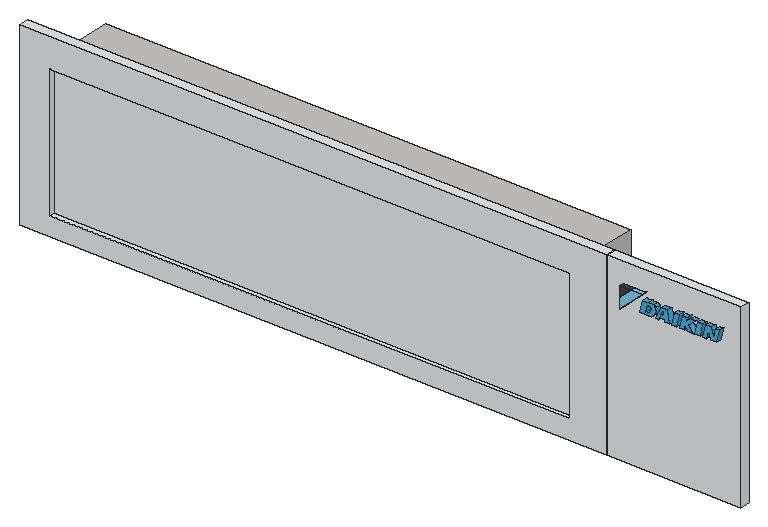
Revit family "outputfile", category 制気口, Revit 2024
Family settings
  丸型コネクタ寸法 = 直径を使用
  パーツ タイプ = 標準
  OmniClass 番号 = 23.75.70.21.27.11
  OmniClass タイトル = Diffusers, Registers, and Grilles
  作業面ベース = いいえ
  常に垂直 = はい
  ロード時にボイドで切り取り = いいえ
  注釈の向きを維持 = いいえ
  共有 = いいえ
  部屋計算ポイント = いいえ
Parameters (values of type "FPRAQ20APVM")
  Description = ""
  製造元 = "Daikin"
  書き出し IFC クラス(タイプ) = "IfcAirTerminalType"
  Default Elevation = 0 mm
  定義済み IFC タイプ(タイプ) = "GRILLE"
  Cost = 0
  モデル = "FPRAQ20APVM"
  Type Comments = ""
  Keynote = ""
  Type Image = (empty or 0)
  Assembly Code = ""
  Width = 722 mm
  Version = "ver.1.0"
  Unit Type = "Moisture Control 3D Air Flow Ceiling Mounted Duct Type"
  Unit Designation [instance] = ""
  Uniclass2015Version = "Products v1.35"
  Uniclass2015Title = "Air grilles"
  Uniclass2015Code = "Pr_70_65_04_03"
  URL = ""
  Series = "VRV Fan Coil Unit"
  SA Duct Size Width = 456 mm
  SA Duct Size Height = 141 mm
  Material_Grille = DAIKIN_FreshWhite_Panel_indoorunit
  IfcVersion = ""
  IfcExportType = "GRILLE"
  IfcExportAs = "IfcAirTerminalType"
  Height = 180 mm
  FCU Tag No. [instance] = ""
  Design Supply Airflow [instance] = 0.00 m³/h
  Depth = 70 mm
Reference planes
  plane 1 "Center (Front/Back)": y = 0
  plane 2: z = 90
  plane 3 "Center (Left/Right)": x = 10
  plane 4: x = 371
  plane 5: x = 237
  plane 6: x = -351
  plane 7: z = -90
  plane 8: z = -90
  plane 9: z = -75
  plane 10: x = 304
  plane 11: x = -321
  plane 12 "Center (Elevation)": z = 0
  plane 13: y = -10
  plane 14: y = -5
  plane 15: y = 60
  plane 16: z = 70.5
  plane 17: x = 205
  plane 18: z = 60
  plane 19: z = -23
  plane 20: z = -70.5
  plane 21: x = 308.5
  plane 22: x = 268
  plane 23: x = -58
Forms (mm)
  Extrusion 1, solid, material "DAIKIN_FreshWhite_Panel_indoorunit" <- "Material_Grille"
    sketch origin (10, 0, 0) x (0, 1, 0) y (0, 0, 1)
      loop
        line (0, 90) -> (-10, 90) -> (-10, -90) -> (0, -90) -> (0, 90)
    from 227 to 361
  Extrusion 2, solid, material "DAIKIN_FreshWhite_Panel_indoorunit" <- "Material_Grille"
    sketch origin (10, 0, 0) x (0, 1, 0) y (0, 0, 1)
      loop
        line (-10, 90) -> (-10, -90) -> (0, -90) -> (0, 90) -> (-10, 90)
    from -361 to 227
  Extrusion 3, void
    sketch origin (0, 0, 0) x (1, 0, 0) y (0, 0, 1)
      loop
        line (-321, 61) -> (-321, -70.5) -> (200.5, -70.5) -> (200.5, 61) -> (-321, 61)
    from 10 to 5
  Extrusion 4, solid, material "DAIKIN_GalvanizedSteel_Casing_indoorunit"
    sketch origin (0, 0, 0) x (1, 0, 0) y (0, 1, 0)
      loop
        line (-321, 60) -> (-321, 0) -> (205, 0) -> (205, 60) -> (-321, 60)
    from -70.5 to 70.5
  Extrusion 5, solid, material "DAIKIN_GalvanizedSteel_Casing_indoorunit"
    sketch origin (0, 0, 0) x (1, 0, 0) y (0, 1, 0)
      loop
        line (283.049, 33) -> (269.7, 19.651) -> (269.7, 0) -> (338.3, 0) -> (338.3, 33) -> (283.049, 33)
    from -23 to 60
Cuts and joins
  Extrusion 3 cuts Extrusion 2
  Extrusion 3 cuts Extrusion 1
Dimensions and locks
  locked: plane 2 to plane 7 at 180
  locked: plane 2 to Extrusion 3 sketch curve at 29
  locked: plane 2 to plane 9 at 165
  locked: plane 4 to plane 5 at 134
  locked: plane 11 to plane 6 at 30
  locked: plane 13 to plane 1 "Center (Front/Back)" at 10
  equal spacing: plane 13, plane 14, plane 1 "Center (Front/Back)"
  plane 6 to plane 3 "Center (Left/Right)" = 361 mm
  equal spacing: plane 4, plane 10, plane 5
  locked: plane 2 to plane 16 at 19.5
  locked: plane 17 to plane 4 at 166
  equal spacing: Extrusion 5 sketch curve, plane 10, Extrusion 5 sketch curve
  locked: Extrusion 5 sketch curve to Extrusion 5 sketch curve at 68.6
  locked: plane 1 "Center (Front/Back)" to Extrusion 5 sketch curve at 33
  plane 2 to plane 18 = 30 mm  (x2)
  locked: plane 19 to plane 8 at 67
  locked: plane 20 to plane 8 at 19.5
  "Width": plane 6 to plane 4
  "Depth": plane 15 to plane 13
  "Height": plane 2 to plane 8
  locked: plane 4 to plane 21 at 62.5
  locked: plane 22 to plane 5 at 31
  equal spacing: plane 17, plane 23, plane 11
  equal spacing: plane 4, plane 3 "Center (Left/Right)", plane 6
  aligned and locked: Extrusion 1 to plane 5
  aligned and locked: plane 4 to Extrusion 1
  aligned and locked: plane 7 to Extrusion 2 sketch curve
  aligned and locked: Extrusion 2 to Extrusion 1
  aligned and locked: Extrusion 2 to plane 6
  aligned and locked: Extrusion 3 to plane 11
  aligned and locked: Extrusion 1 sketch curve to plane 2
  aligned and locked: plane 2 to Extrusion 2 sketch curve
  aligned and locked: level to plane 12 "Center (Elevation)"
  aligned and locked: Extrusion 1 sketch curve to plane 1 "Center (Front/Back)"
  aligned and locked: plane 1 "Center (Front/Back)" to Extrusion 4 sketch curve
  aligned and locked: plane 14 to Extrusion 3
  aligned and locked: plane 1 "Center (Front/Back)" to Extrusion 2 sketch curve
  aligned and locked: plane 13 to Extrusion 2 sketch curve
  aligned and locked: Extrusion 2 to Extrusion 3
  aligned and locked: plane 13 to Extrusion 1 sketch curve
  aligned and locked: plane 15 to Extrusion 4
  aligned and locked: Extrusion 4 to cut or joined group of Extrusion 2, Extrusion 3
  aligned and locked: nested 1 to plane 16
  aligned and locked: plane 10 to nested 1
  aligned and locked: nested 1 to plane 13
  aligned and locked: plane 17 to Extrusion 4
  aligned and locked: Extrusion 5 sketch curve to plane 1 "Center (Front/Back)"
  aligned and locked: plane 18 to Extrusion 5
  aligned and locked: Extrusion 5 to plane 19
  aligned and locked: Extrusion 4 to plane 20
  aligned and locked: Extrusion 3 to Extrusion 4
  aligned and locked: Extrusion 4 to plane 16
  aligned and locked: Extrusion 1 sketch curve to plane 8
Automatic sketch dimensions
  plane 6 to Extrusion 3 sketch curve = 30 mm
  Extrusion 3 sketch curve to plane 5 = 36.5 mm
  Extrusion 4 sketch curve to plane 10 = 99 mm
  Extrusion 4 sketch curve to plane 11 = 0 mm
  Extrusion 4 sketch curve to plane 1 "Center (Front/Back)" = 60 mm
  Extrusion 5 sketch curve to Extrusion 5 sketch curve = 13.349 mm  (x2)
  plane 20 to Extrusion 3 sketch curve = 0 mm
Nested families
  nested 1: "daikin_logo_elevation_w100" at (319, -10, 45.5), type "daikin_logo_elevation_w100"
    with show_logo yes
Connectors
  hvac at (-58, 60, 0), driven by "SA Duct Size Height", driven by "SA Duct Size Width", driven by "Design Supply Airflow"
    settings: on Extrusion 4, index 1, duct flow 0.00 m³/h, flow factor 0, pres drop 0.0 Pa, loss coef 0, conn angle 0.00°, conn width 456.0 mm, conn height 141.0 mm, conn diameter 609.6 mm, duct sys type 1, conn prof type 1, flow config 1, flow direction 1, loss method 4, conn ref index -1, conn util no, is conn primary yes, conn desc "SA Duct"
Definition of nested family "daikin_logo_elevation_w100"
  Parameters (values of type "daikin_logo_elevation_w100")
    width = 100 mm
    show_logo [instance] = yes
    material = none
    height = 25 mm
    depth = 5 mm
    Default Elevation = 0 mm
  Reference planes
    plane 1 "Center (Front/Back)": y = 0
    plane 2: z = 0
    plane 3 "Center (Left/Right)": x = -15
    plane 4 "left": x = -65
    plane 5 "right": x = 35
    plane 6: y = -5
    plane 7: z = 25
  Forms (mm)
    Extrusion 1, solid
      sketch origin (0, 0, 0) x (1, 0, 0) y (0, 0, 1)
        loop
          line (-65, 25) -> (-65, 14.753) -> (-53.814, 25) -> (-65, 25)
      from 0 to 5
    Extrusion 2, solid
      sketch origin (0, 0, 0) x (1, 0, 0) y (0, 0, 1)
        loop
          line (-42.019, 25) -> (-53.814, 25) -> (-65, 14.753) -> (-65, 3.87) -> (-42.019, 25)
      from 0 to 5
    Extrusion 3, solid
      sketch origin (0, 0, 0) x (1, 0, 0) y (0, 0, 1)
        loop
          line (-35.602, 20.041) -> (-41.486, 20.041) -> (-44.428, 8.274) -> (-35.602, 8.274)
          arc (-35.602, 8.274) -> (-32.105, 8.983) -> (-29.415, 11.329) r 6.978
          arc (-29.415, 11.329) -> (-28.233, 14.382) -> (-28.637, 17.63) r 6.701
          arc (-28.637, 17.63) -> (-29.469, 18.814) -> (-30.709, 19.559) r 3.49
          arc (-30.709, 19.559) -> (-33.138, 19.976) -> (-35.602, 20.041) r 17.114
        loop
          line (-38.544, 10.627) -> (-36.191, 10.627)
          arc (-36.191, 10.627) -> (-34.383, 11.838) -> (-33.335, 13.745) r 4.6
          arc (-33.335, 13.745) -> (-33.193, 15.202) -> (-33.538, 16.625) r 4.404
          arc (-33.538, 16.625) -> (-34.051, 17.128) -> (-34.72, 17.393) r 1.818
          line (-34.72, 17.393) -> (-37.073, 17.393) -> (-38.544, 10.627)
        loop
          line (-29.13, 8.274) -> (-25.894, 8.274) -> (-24.791, 10.333) -> (-20.158, 10.333) -> (-19.717, 8.274) -> (-14.422, 8.274) -> (-16.775, 20.041) -> (-22.659, 20.041) -> (-29.13, 8.274)
        loop
          line (-23.373, 12.98) -> (-20.725, 12.98) -> (-21.482, 16.511) -> (-23.373, 12.98)
        loop
          line (-10.009, 20.041) -> (-12.951, 8.274) -> (-7.95, 8.274) -> (-5.008, 20.041) -> (-10.009, 20.041)
        loop
          line (-5.008, 8.274) -> (-0.007, 8.274) -> (0.792, 11.472) -> (3.229, 8.274) -> (9.407, 8.274) -> (4.7, 14.451) -> (11.466, 20.041) -> (6.171, 20.041) -> (2.093, 16.672) -> (2.935, 20.041) -> (-2.066, 20.041) -> (-5.008, 8.274)
        loop
          line (10.583, 8.274) -> (15.879, 8.274) -> (18.82, 20.041) -> (13.819, 20.041) -> (10.583, 8.274)
        loop
          line (18.82, 8.274) -> (22.35, 8.274) -> (24.013, 14.925) -> (26.175, 8.274) -> (32.058, 8.274) -> (35, 20.041) -> (31.47, 20.041) -> (29.679, 12.878) -> (27.351, 20.041) -> (21.762, 20.041) -> (18.82, 8.274)
      from 0 to 5
  Lines and regions (mm)
    model lines
      curve 1: line (-42.019, 0, 25) -> (-52.024, 0, 25)
      curve 2: line (-52.024, 0, 25) -> (-65, 0, 13.114)
      curve 3: line (-65, 0, 13.114) -> (-65, 0, 3.87)
      curve 4: line (-65, 0, 3.87) -> (-42.019, 0, 25)
      curve 5: line (-65, 0, 14.753) -> (-65, 0, 25)
      curve 6: line (-65, 0, 25) -> (-53.814, 0, 25)
      curve 7: line (-53.814, 0, 25) -> (-65, 0, 14.753)
      curve 8: line (-20.725, 0, 12.98) -> (-23.373, 0, 12.98)
      curve 9: line (-23.373, 0, 12.98) -> (-21.482, 0, 16.511)
      curve 10: line (-21.482, 0, 16.511) -> (-20.725, 0, 12.98)
      curve 11: line (-19.717, 0, 8.274) -> (-20.158, 0, 10.333)
      curve 12: line (-20.158, 0, 10.333) -> (-24.791, 0, 10.333)
      curve 13: line (-24.791, 0, 10.333) -> (-25.894, 0, 8.274)
      curve 14: line (-25.894, 0, 8.274) -> (-29.13, 0, 8.274)
      curve 15: line (-29.13, 0, 8.274) -> (-22.659, 0, 20.041)
      curve 16: line (-22.659, 0, 20.041) -> (-16.775, 0, 20.041)
      curve 17: line (-36.191, 0, 10.627) -> (-38.544, 0, 10.627)
      curve 18: line (-38.544, 0, 10.627) -> (-37.073, 0, 17.393)
      curve 19: line (-37.073, 0, 17.393) -> (-34.72, 0, 17.393)
      curve 20: line (-5.008, 0, 20.041) -> (-10.009, 0, 20.041)
      curve 21: line (-10.009, 0, 20.041) -> (-12.951, 0, 8.274)
      curve 22: line (-12.951, 0, 8.274) -> (-7.95, 0, 8.274)
      curve 23: line (-7.95, 0, 8.274) -> (-5.008, 0, 20.041)
      curve 24: line (24.013, 0, 14.925) -> (22.35, 0, 8.274)
      curve 25: line (22.35, 0, 8.274) -> (18.82, 0, 8.274)
      curve 26: line (18.82, 0, 8.274) -> (21.762, 0, 20.041)
      curve 27: line (21.762, 0, 20.041) -> (27.351, 0, 20.041)
      curve 28: line (27.351, 0, 20.041) -> (29.679, 0, 12.878)
      curve 29: line (29.679, 0, 12.878) -> (31.47, 0, 20.041)
      curve 30: line (31.47, 0, 20.041) -> (35, 0, 20.041)
      curve 31: line (35, 0, 20.041) -> (32.058, 0, 8.274)
      curve 32: line (32.058, 0, 8.274) -> (26.175, 0, 8.274)
      curve 33: line (26.175, 0, 8.274) -> (24.013, 0, 14.925)
      curve 34: line (-16.775, 0, 20.041) -> (-14.422, 0, 8.274)
      curve 35: line (-14.422, 0, 8.274) -> (-19.717, 0, 8.274)
      curve 36: line (-35.602, 0, 20.041) -> (-41.486, 0, 20.041)
      curve 37: line (-41.486, 0, 20.041) -> (-44.428, 0, 8.274)
      curve 38: line (-44.428, 0, 8.274) -> (-35.602, 0, 8.274)
      curve 39: line (10.583, 0, 8.274) -> (15.879, 0, 8.274)
      curve 40: line (15.879, 0, 8.274) -> (18.82, 0, 20.041)
      curve 41: line (18.82, 0, 20.041) -> (13.819, 0, 20.041)
      curve 42: line (13.819, 0, 20.041) -> (10.583, 0, 8.274)
      curve 43: line (3.229, 0, 8.274) -> (0.792, 0, 11.472)
      curve 44: line (0.792, 0, 11.472) -> (-0.007, 0, 8.274)
      curve 45: line (-0.007, 0, 8.274) -> (-5.008, 0, 8.274)
      curve 46: line (-5.008, 0, 8.274) -> (-2.066, 0, 20.041)
      curve 47: line (-2.066, 0, 20.041) -> (2.935, 0, 20.041)
      curve 48: line (2.935, 0, 20.041) -> (2.093, 0, 16.672)
      curve 49: line (2.093, 0, 16.672) -> (6.171, 0, 20.041)
      curve 50: line (6.171, 0, 20.041) -> (11.466, 0, 20.041)
      curve 51: line (11.466, 0, 20.041) -> (4.7, 0, 14.451)
      curve 52: line (4.7, 0, 14.451) -> (9.407, 0, 8.274)
      curve 53: line (9.407, 0, 8.274) -> (3.229, 0, 8.274)
      curve 54: arc (-36.191, 0, 10.627) -> (-34.383, 0, 11.838) -> (-33.335, 0, 13.745) r 4.6
      curve 55: arc (-33.335, 0, 13.745) -> (-33.193, 0, 15.202) -> (-33.538, 0, 16.625) r 4.404
      curve 56: arc (-33.538, 0, 16.625) -> (-34.051, 0, 17.128) -> (-34.72, 0, 17.393) r 1.818
      curve 57: arc (-35.602, 0, 8.274) -> (-32.105, 0, 8.983) -> (-29.415, 0, 11.329) r 6.978
      curve 58: arc (-29.415, 0, 11.329) -> (-28.233, 0, 14.382) -> (-28.637, 0, 17.63) r 6.701
      curve 59: arc (-28.637, 0, 17.63) -> (-29.469, 0, 18.814) -> (-30.709, 0, 19.559) r 3.49
      curve 60: arc (-30.709, 0, 19.559) -> (-33.138, 0, 19.976) -> (-35.602, 0, 20.041) r 17.114
  Dimensions and locks
    "width": plane 4 "left" to plane 5 "right"
    "depth": plane 6 to plane 1 "Center (Front/Back)"
    equal spacing: plane 4 "left", plane 3 "Center (Left/Right)", plane 5 "right"
    "height": plane 7 to plane 2
    aligned and locked: level to plane 2
    aligned and locked: Extrusion 1 sketch curve to plane 4 "left"
    aligned and locked: Extrusion 1 sketch curve to plane 7
    aligned and locked: plane 7 to Extrusion 2 sketch curve
    aligned and locked: plane 4 "left" to Extrusion 2 sketch curve
    aligned and locked: Extrusion 3 to plane 6
    aligned and locked: Extrusion 1 to plane 6
    aligned and locked: Extrusion 2 to plane 6
  Automatic sketch dimensions
    plane 4 "left" to curve 5 = 0 mm
    plane 4 "left" to curve 2 = 0 mm
    curve 30 to plane 5 "right" = 0 mm
    curve 5 to curve 6 = 11.186 mm
    curve 6 to curve 2 = 1.79 mm
    curve 2 to curve 37 = 7.597 mm
    curve 2 to curve 1 = 10.005 mm
    curve 1 to curve 37 = 0.534 mm
    curve 37 to curve 18 = 5.884 mm
    curve 17 to curve 54 = 0.769 mm
    curve 54 to curve 55 = 0.188 mm
    curve 54 to curve 19 = 0.702 mm
    curve 17 to curve 17 = 2.353 mm
    curve 18 to curve 36 = 1.471 mm
    curve 17 to curve 38 = 0.588 mm
    curve 55 to curve 57 = 2.392 mm
    curve 57 to curve 56 = 0.152 mm
    curve 57 to curve 58 = 0.311 mm
    curve 57 to curve 60 = 0.787 mm
    curve 56 to curve 19 = 0.322 mm
    curve 19 to curve 59 = 2.873 mm
    curve 57 to curve 15 = 6.472 mm
    curve 14 to curve 13 = 3.236 mm
    curve 13 to curve 13 = 1.103 mm
    curve 12 to curve 8 = 1.418 mm
    curve 8 to curve 16 = 0.714 mm
    curve 15 to curve 10 = 1.177 mm
    curve 8 to curve 10 = 2.648 mm
    curve 8 to curve 12 = 0.567 mm
    curve 11 to curve 35 = 0.441 mm
    curve 16 to plane 3 "Center (Left/Right)" = 1.775 mm
    plane 3 "Center (Left/Right)" to curve 35 = 0.578 mm
    curve 34 to curve 21 = 1.471 mm
    plane 3 "Center (Left/Right)" to curve 21 = 4.991 mm
    curve 21 to curve 23 = 5.001 mm
    curve 20 to curve 23 = 5.001 mm
    curve 22 to curve 45 = 2.942 mm
    curve 20 to curve 47 = 2.942 mm
    curve 45 to curve 44 = 5.001 mm
    curve 44 to curve 44 = 0.799 mm
    curve 46 to curve 49 = 4.159 mm
    curve 49 to curve 48 = 0.842 mm
    curve 44 to curve 53 = 3.236 mm
    curve 48 to curve 52 = 2.607 mm
    curve 47 to curve 49 = 3.236 mm
    curve 43 to curve 53 = 6.178 mm
    curve 52 to curve 39 = 1.177 mm
    curve 49 to curve 51 = 5.295 mm
    curve 50 to curve 41 = 2.353 mm
    curve 39 to curve 39 = 5.295 mm
    curve 41 to curve 40 = 5.001 mm
    curve 39 to curve 25 = 2.942 mm
    curve 40 to curve 26 = 2.942 mm
    curve 25 to curve 24 = 3.53 mm
    curve 26 to curve 33 = 2.251 mm
    curve 24 to curve 33 = 3.824 mm
    curve 26 to curve 27 = 5.589 mm
    curve 29 to plane 5 "right" = 5.321 mm
    curve 29 to curve 30 = 3.53 mm
    curve 31 to plane 5 "right" = 2.942 mm
    curve 60 to plane 7 = 22.055 mm
    curve 60 to curve 3 = 0.925 mm
    curve 60 to curve 37 = 5.329 mm
    curve 60 to curve 34 = 5.329 mm
    curve 32 to curve 34 = 0 mm
    curve 39 to curve 32 = 0 mm
    curve 43 to curve 39 = 0 mm
    curve 26 to curve 39 = 0 mm
    curve 23 to curve 34 = 0 mm
    curve 13 to curve 11 = 0 mm
    curve 44 to curve 43 = 0 mm
    curve 11 to curve 11 = 2.059 mm
    curve 38 to curve 17 = 2.353 mm
    curve 44 to curve 43 = 3.198 mm
    curve 31 to curve 29 = 4.604 mm
    curve 12 to curve 8 = 2.648 mm
    curve 4 to curve 2 = 9.244 mm
    curve 43 to curve 51 = 2.98 mm
    curve 2 to curve 5 = 1.639 mm
    curve 17 to curve 55 = 4.265 mm
    curve 28 to curve 24 = 2.046 mm
    curve 55 to curve 54 = 0.053 mm
    curve 55 to curve 58 = 0.311 mm
    curve 58 to curve 57 = 0.037 mm
    curve 57 to curve 56 = 0.364 mm
    curve 58 to curve 59 = 1.057 mm
    curve 8 to curve 9 = 3.53 mm
    curve 51 to curve 48 = 2.22 mm
    curve 54 to curve 18 = 2.447 mm
    curve 22 to curve 21 = 11.767 mm
    curve 46 to curve 20 = 0 mm
    curve 24 to curve 26 = 5.116 mm
    curve 49 to curve 47 = 0 mm
    curve 42 to curve 50 = 0 mm
    curve 9 to curve 16 = 3.53 mm
    curve 29 to curve 27 = 0 mm
    curve 18 to curve 37 = 2.648 mm
    curve 36 to curve 6 = 4.959 mm
    curve 36 to curve 4 = 4.959 mm
    curve 19 to curve 55 = 1.182 mm
    curve 59 to curve 60 = 1.138 mm
    curve 58 to curve 14 = 0.285 mm
    Extrusion 1 sketch curve to plane 4 "left" = 11.186 mm
    Extrusion 1 sketch curve to plane 7 = 10.247 mm
    Extrusion 2 sketch curve to plane 4 "left" = 22.981 mm
    Extrusion 2 sketch curve to plane 7 = 10.247 mm
    level to Extrusion 2 sketch curve = 3.87 mm
    Extrusion 2 sketch curve to plane 4 "left" = 11.186 mm
    Extrusion 3 sketch curve to plane 7 = 4.959 mm  (x5)
    Extrusion 3 sketch curve to plane 3 "Center (Left/Right)" = 20.602 mm
    level to Extrusion 3 sketch curve = 2.945 mm
    Extrusion 3 sketch curve to Extrusion 3 sketch curve = 0.787 mm  (x2)
    Extrusion 3 sketch curve to Extrusion 3 sketch curve = 5.884 mm
    Extrusion 3 sketch curve to Extrusion 3 sketch curve = 4.894 mm
    Extrusion 3 sketch curve to Extrusion 3 sketch curve = 1.138 mm
    Extrusion 3 sketch curve to Extrusion 3 sketch curve = 3.299 mm
    Extrusion 3 sketch curve to Extrusion 3 sketch curve = 2.072 mm
    Extrusion 3 sketch curve to Extrusion 3 sketch curve = 3.036 mm
    Extrusion 3 sketch curve to Extrusion 3 sketch curve = 1.057 mm
    Extrusion 3 sketch curve to Extrusion 3 sketch curve = 2.432 mm
    Extrusion 3 sketch curve to Extrusion 3 sketch curve = 0.311 mm
    Extrusion 3 sketch curve to Extrusion 3 sketch curve = 0.037 mm
    Extrusion 3 sketch curve to Extrusion 3 sketch curve = 8.825 mm
    Extrusion 3 sketch curve to plane 7 = 7.607 mm
    Extrusion 3 sketch curve to Extrusion 3 sketch curve = 1.879 mm
    Extrusion 3 sketch curve to Extrusion 3 sketch curve = 2.942 mm  (x5)
    Extrusion 3 sketch curve to Extrusion 3 sketch curve = 0.163 mm
    Extrusion 3 sketch curve to Extrusion 3 sketch curve = 0.152 mm
    Extrusion 3 sketch curve to Extrusion 3 sketch curve = 0.364 mm
    Extrusion 3 sketch curve to Extrusion 3 sketch curve = 1.182 mm
    Extrusion 3 sketch curve to Extrusion 3 sketch curve = 2.392 mm
    Extrusion 3 sketch curve to Extrusion 3 sketch curve = 0.348 mm
    Extrusion 3 sketch curve to Extrusion 3 sketch curve = 1.548 mm
    Extrusion 3 sketch curve to Extrusion 3 sketch curve = 0.188 mm
    Extrusion 3 sketch curve to Extrusion 3 sketch curve = 0.053 mm
    Extrusion 3 sketch curve to Extrusion 3 sketch curve = 2.353 mm  (x2)
    Extrusion 3 sketch curve to Extrusion 3 sketch curve = 5.979 mm
    Extrusion 3 sketch curve to Extrusion 3 sketch curve = 0.285 mm
    Extrusion 3 sketch curve to plane 3 "Center (Left/Right)" = 1.775 mm
    Extrusion 3 sketch curve to Extrusion 3 sketch curve = 3.056 mm
    plane 3 "Center (Left/Right)" to Extrusion 3 sketch curve = 0.578 mm
    Extrusion 3 sketch curve to plane 3 "Center (Left/Right)" = 4.717 mm
    Extrusion 3 sketch curve to Extrusion 3 sketch curve = 0.441 mm
    Extrusion 3 sketch curve to Extrusion 3 sketch curve = 2.059 mm  (x2)
    Extrusion 3 sketch curve to Extrusion 3 sketch curve = 4.633 mm
    Extrusion 3 sketch curve to Extrusion 3 sketch curve = 1.103 mm
    Extrusion 3 sketch curve to Extrusion 3 sketch curve = 1.177 mm  (x2)
    Extrusion 3 sketch curve to Extrusion 3 sketch curve = 3.53 mm  (x2)
    Extrusion 3 sketch curve to Extrusion 3 sketch curve = 1.418 mm
    Extrusion 3 sketch curve to Extrusion 3 sketch curve = 2.648 mm  (x2)
    plane 3 "Center (Left/Right)" to Extrusion 3 sketch curve = 4.991 mm
    Extrusion 3 sketch curve to Extrusion 3 sketch curve = 1.471 mm
    Extrusion 3 sketch curve to Extrusion 3 sketch curve = 5.001 mm  (x4)
    Extrusion 3 sketch curve to Extrusion 3 sketch curve = 0 mm  (x8)
    Extrusion 3 sketch curve to plane 7 = 8.328 mm
    Extrusion 3 sketch curve to Extrusion 3 sketch curve = 0.842 mm
    Extrusion 3 sketch curve to Extrusion 3 sketch curve = 3.236 mm  (x2)
    Extrusion 3 sketch curve to Extrusion 3 sketch curve = 5.295 mm  (x2)
    Extrusion 3 sketch curve to Extrusion 3 sketch curve = 2.607 mm
    Extrusion 3 sketch curve to Extrusion 3 sketch curve = 2.22 mm
    Extrusion 3 sketch curve to Extrusion 3 sketch curve = 4.707 mm
    Extrusion 3 sketch curve to Extrusion 3 sketch curve = 6.178 mm
    Extrusion 3 sketch curve to Extrusion 3 sketch curve = 2.436 mm
    Extrusion 3 sketch curve to Extrusion 3 sketch curve = 3.198 mm
    Extrusion 3 sketch curve to Extrusion 3 sketch curve = 5.589 mm
    Extrusion 3 sketch curve to plane 5 "right" = 5.321 mm
    Extrusion 3 sketch curve to Extrusion 3 sketch curve = 7.163 mm
    Extrusion 3 sketch curve to plane 5 "right" = 3.53 mm
    Extrusion 3 sketch curve to plane 5 "right" = 0 mm
    Extrusion 3 sketch curve to plane 5 "right" = 2.942 mm
    Extrusion 3 sketch curve to Extrusion 3 sketch curve = 4.604 mm
    Extrusion 3 sketch curve to Extrusion 3 sketch curve = 3.504 mm
    Extrusion 3 sketch curve to Extrusion 3 sketch curve = 2.251 mm
    Extrusion 3 sketch curve to Extrusion 3 sketch curve = 5.116 mm
